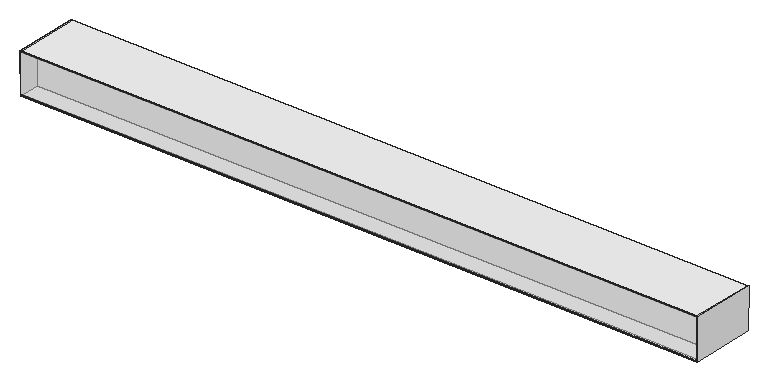
Revit family "Lighting-Wall Mount-Amerlux-Linea 3.5", category Lighting Fixtures, host Face, Revit 2014
Parameters (values of type "Indirect")
  Width = 0' - 2 7/8"
  Wattage = 9.2903 W
  built-in parameter 1150110 = 1 (stored number, unit not read)
  Voltage = 0 V
  URL = "http://www.amerlux.com"
  built-in parameter 1114217 = 1 (stored number, unit not read)
  Tilt Angle = -90.00°
  built-in parameter 1150109 = 1 (stored number, unit not read)
  built-in parameter 1150134 = 12
  built-in parameter 1150113 = 1 (stored number, unit not read)
  Power Factor = 1
  Photometric Web File = "generic"
  Number of Poles = 1
  built-in parameter 1150142 = (empty or 0)
  Model = "LS35I"
  Manufacturer = "Amerlux"
  built-in parameter 1150105 = 109.82 (stored number, unit not read)
  Lumens = 1380 lm
  built-in parameter 1150115 = 1 (stored number, unit not read)
  built-in parameter 1150137 = (empty or 0)
  built-in parameter 1150139 = (empty or 0)
  Length = 4' - 0"
  built-in parameter 1150112 = 1 (stored number, unit not read)
  built-in parameter 1150114 = 1 (stored number, unit not read)
  Lamp = "LED"
  built-in parameter 1150132 = (empty or 0)
  built-in parameter 1150102 = (empty or 0)
  built-in parameter 1150107 = 4000 (stored number, unit not read)
  built-in parameter 1150138 = (empty or 0)
  built-in parameter 1150106 = 1.0982 (stored number, unit not read)
  IES File Link = "http://www.amerlux.com/products/LS35I-LED#"
  Height = 0' - 4 7/16"
  Fixture Finish = White
  Emit from Circle Diameter = 0' - 1 1/4"
  Emit Shape Visible in Rendering = no
  built-in parameter 1150104 = 13.8 (stored number, unit not read)
  Dimming Lamp Color Temperature Shift = <None>
  Description = "Wall Mount Linea 3.5\""
  Default Elevation = 4' - 0"
  Color Filter = 16777215
  built-in parameter 1114218 = 1 (stored number, unit not read)
  built-in parameter 1150133 = 10 (stored number, unit not read)
  Apparent Load = 0 VA
Types (4): name | Width | Model | IES File Link | Height
  (no name) | 0' - 2 7/8" | "LS35I" | "http://www.amerlux.com/products/LS35I-LED#" | 0' - 4 7/16"
  Direct | 0' - 3 7/16" | "LS35D" | "http://www.amerlux.com/products/LS35D-LED#" | 0' - 3 5/8"
  Indirect | 0' - 2 7/8" | "LS35I" | "http://www.amerlux.com/products/LS35I-LED#" | 0' - 4 7/16"
  Direct/Indirect | 0' - 2 7/8" | "LS35DI" | "http://www.amerlux.com/products/LS35DI-LED#" | 0' - 5 7/8"
Reference planes (in)
  plane 1 "Center (Front/Back)": y = 0
  plane 2: z = 0
  plane 3 "Center (Left/Right)": x = 0
  plane 4: y = -1.4375
  plane 5: y = 1.4375
  plane 6: x = -24
  plane 7: x = 24
  plane 8: y = -3.57778
  plane 9: x = 23.9375
  plane 10: x = -23.9375
  plane 11: y = -4.07778
Forms (in)
  Extrusion 1, solid, material "White" <- "Fixture Finish"
    sketch origin (0, 15.17222, 1.43751) x (0, 0, 1) y (0, -1, 0)
      loop
        line (-1.4375, 14.3125) -> (1.4375, 14.3125) -> (1.4375, 18.75) -> (1.375, 18.75) -> (1.375, 17.33538) -> (-1.375, 17.33538) -> (-1.375, 18.75) -> (-1.4375, 18.75) -> (-1.4375, 14.3125)
    from -23.9375 to 23.9375
  Extrusion 2, solid, material "White"
    sketch origin (0, 15.17222, 1.43751) x (0, 0, 1) y (0, -1, 0)
      loop
        line (1.4375, 18.75) -> (-1.4375, 18.75) -> (-1.4375, 14.3125) -> (1.4375, 14.3125) -> (1.4375, 18.75)
    from 23.9375 to 24
  Extrusion 3, solid, material "White"
    sketch origin (0, 15.17222, 1.43751) x (0, 0, 1) y (0, -1, 0)
      loop
        line (-1.4375, 18.75) -> (-1.4375, 14.3125) -> (1.4375, 14.3125) -> (1.4375, 18.75) -> (-1.4375, 18.75)
    from -24 to -23.9375
  Extrusion 4, solid, material "Lens"
    sketch origin (0, 15.17222, 1.43751) x (0, 0, 1) y (0, -1, 0)
      loop
        line (1.375, 18.75) -> (-1.375, 18.75) -> (-1.375, 18.6875) -> (1.375, 18.6875) -> (1.375, 18.75)
    from -23.9375 to 23.9375
Dimensions and locks (in)
  equal spacing: plane 4, plane 1 "Center (Front/Back)", plane 5
  plane 4 to plane 5 = 0' - 2 7/8"
  equal spacing: plane 6, plane 3 "Center (Left/Right)", plane 7
  "Length": plane 6 to plane 7
  equal spacing: plane 5, plane 1 "Center (Front/Back)", plane 4
  "Width": plane 5 to plane 4
  locked: plane 9 to plane 7 at 0.0625
  locked: plane 6 to plane 10 at 0.0625
  locked: plane 8 to Extrusion 4 sketch curve at 0.0625
  "Height": Extrusion 3 to Extrusion 3
  Extrusion 3 to Extrusion 4 to Extrusion 1 = 0' - 0 1/16" locked, 0' - 1.35212" locked
  locked: Extrusion 1 to Extrusion 3 at 0.0625
  locked: Extrusion 1 to host face at 0.06251
  "Width": Extrusion 3 to Extrusion 3
  aligned and locked: plane 2 to host face
  aligned and locked: level to host face
  aligned and locked: Extrusion 1 to plane 8  (x2)
  aligned and locked: Extrusion 2 sketch curve to Extrusion 1  (x4)
  aligned and locked: plane 7 to Extrusion 2
  aligned and locked: Extrusion 2 to plane 9
  aligned and locked: Extrusion 1 to Extrusion 2
  aligned and locked: Extrusion 3 sketch curve to Extrusion 2
  aligned and locked: Extrusion 3 sketch curve to Extrusion 1  (x3)
  aligned and locked: Extrusion 1 to plane 10
  aligned and locked: Extrusion 3 to plane 6
  aligned and locked: plane 10 to Extrusion 3
  aligned and locked: plane 9 to Extrusion 4
  aligned and locked: Extrusion 4 to plane 10
  aligned and locked: Extrusion 4 to Extrusion 1
Automatic sketch dimensions
  host sketch curve to host sketch curve = 5' - 6.36591"
  host sketch curve to host sketch curve = 4' - 6.92595"
  Extrusion 1 sketch curve to plane 8 = 0' - 0"  (x2)
  plane 4 to Extrusion 1 sketch curve = 0' - 2.29722"
  level to Extrusion 1 sketch curve = 0' - 0"
  Extrusion 1 sketch curve to Extrusion 1 sketch curve = 0' - 0 1/16"
  Extrusion 1 sketch curve to Extrusion 1 sketch curve = 0' - 2 3/4"
  Extrusion 1 sketch curve to Extrusion 1 sketch curve = 0' - 2 7/8"
  Extrusion 1 sketch curve to plane 8 = 0' - 1.41462"
  Extrusion 4 sketch curve to plane 8 = 0' - 0"
  level to Extrusion 4 sketch curve = 0' - 0 1/16"
  Extrusion 4 sketch curve to Extrusion 4 sketch curve = 0' - 2 3/4"
Connectors (in)
  electrical at (0, 0.85972, 1.43751), driven by "Number of Poles", driven by "Voltage", driven by "Apparent Load", driven by "Power Factor"
    settings: on Extrusion 1, index 1, voltage 0 V, apparent load 0 VA, apparent load phase1 0 VA, apparent load phase2 0 VA, apparent load phase3 0 VA, power factor 1, load classification "Other", number of poles 1, system type 31, power factor state 1, is connector primary yes, connector utility yes, sub classification motor no, connector description "Power"
